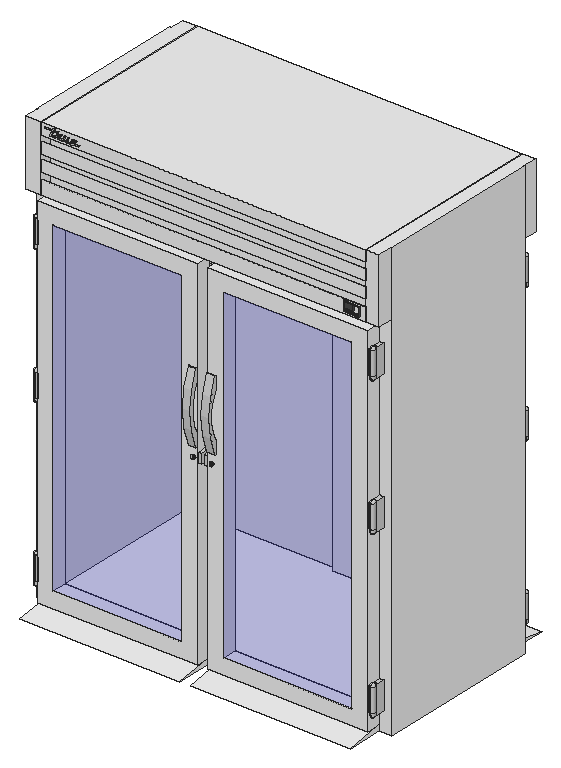
Revit family
Parameters
  Weight in Pounds = 0
  Watts = Volts * FL Amps  # 1092.5 W
  Volts = 115 V
  URL Cutsheet = "www.truemfg.com"
  URL = "www.truemfg.com"
  Type Mark [instance] = ""
  Type Comments = ""
  Status [instance] = ""
  Specification by User [instance] = ""
  Specification by Manufacturer = ""
  Show Logo [instance] = yes
  Show Clearance [instance] = yes
  Serial Number = ""
  Seismic Rating = ""
  SMACNA No = ""
  Revision Code [instance] = ""
  Phase = 1
  Omniclass Number and Title = ""
  Number of Poles [instance] = 1
  NAFEM Spec ID Number = ""
  Model = "STR2RRT-2G-2S"
  Min Ckt Ampacity = 0 A
  Max Overcurrent Protection = 0 A
  Masterspec = ""
  Manufacturer = "TRUE FOOD SERVICE EQUIPMENT, INC."
  Length = 68"
  Item Number [instance] = ""
  Installed By [instance] = ""
  Identify Quantity as Lot [instance] = yes
  Height = 83 3/4"
  HP = "1/2"
  Furnished By [instance] = ""
  Foodservice Equipment Identifier [instance] = yes
  FL Amps = 9.5 A
  Electrical Remarks [instance] = ""
  Electric Connection Type [instance] = ""
  Elec Conn RI Height [instance] = 0"
  Elec Conn Connection Height [instance] = 0"
  Description = "Roll-thru Glass Front/Solid Rear Swing Door Refrigerator"
  Depth = 37 1/2"
  Cycle = 60 Hz
  Conn Plug = "5-15P"
  Conn Conduit = yes
  CSI MasterFormat = ""
  CSI Master Format = ""
  Apparent Power = if(Phase = 3, Volts * FL Amps * 1.73, Volts * FL Amps)  # 1092.5 VA
Reference planes (in)
  plane 1 "BACK": y = 0
  plane 2: z = 0
  plane 3 "LEFT": x = 0
  plane 4 "RIGHT": x = 68
  plane 5 "FRONT": y = -37.5
  plane 6 "TOP": z = 83.75
  plane 7: x = 2.84375
  plane 8: y = -37.4542
  plane 9: x = 34
  plane 10: y = -0.0458
  plane 11: z = 69.90625
Forms (in)
  Extrusion 1, solid, material "QF_Finishes_Chrome - Satin"
    sketch origin (0.05, 0, 0) x (1, 0, 0) y (0, 1, 0)
      loop
        line (-0.05, -2.75) -> (-0.05, -34.75) -> (2.87859, -34.75) -> (2.87859, -2.75) -> (-0.05, -2.75)
    from 0 to 83.75
  Extrusion 2, solid, material "QF_Finishes_Chrome - Satin"
    sketch origin (50.15, 0, 0) x (1, 0, 0) y (0, 1, 0)
      loop
        line (15.15, -2.75) -> (15.15, -34.75) -> (17.85, -34.75) -> (17.85, -2.75) -> (15.15, -2.75)
    from 0 to 83.75
  Extrusion 3, solid, material "QF_Finishes_Chrome - Satin"
    sketch origin (0, 0, 0) x (0, 1, 0) y (0, 0, 1)
      loop
        line (-37.4542, 71.28125) -> (-34.75, 71.28125) -> (-34.75, 68.90625) -> (-2.75, 68.90625) -> (-2.75, 71.28125) -> (-0.0458, 71.28125) -> (-0.0458, 73.94226) -> (-2.25, 72.375) -> (-2.25, 73.65057) -> (-0.0458, 75.21784) -> (-0.0458, 77.31404) -> (-2.25, 75.74678) -> (-2.25, 76.70754) -> (-0.0458, 78.2748) -> (-0.0458, 80.40851) -> (-2.25, 78.84125) -> (-2.25, 79.96352) -> (-0.0458, 81.53078) -> (-0.0458, 83.75) -> (-37.4542, 83.75) -> (-37.4542, 81.53078) -> (-35.25, 79.96352) -> (-35.25, 78.84125) -> (-37.4542, 80.40851) -> (-37.4542, 78.2748) -> (-35.25, 76.70754) -> (-35.25, 75.74678) -> (-37.4542, 77.31404) -> (-37.4542, 75.21784) -> (-35.25, 73.65057) -> (-35.25, 72.375) -> (-37.4542, 73.94226) -> (-37.4542, 71.28125)
      loop
        line (-34.75, 0) -> (-2.75, 0) -> (-2.75, 2) -> (-34.75, 2) -> (-34.75, 0)
    from 2.92859 to 65.3
  Extrusion 4, solid, material "QF_Finishes_Chrome - Satin"
    sketch origin (0, 0, 0) x (1, 0, 0) y (0, 1, 0)
      loop
        line (67.84782, -34.75) -> (65.3, -34.75) -> (65.3, -37.5) -> (67.84782, -37.5) -> (67.84782, -34.75)
      loop
        line (67.84782, -2.75) -> (67.84782, 0) -> (65.3, 0) -> (65.3, -2.75) -> (67.84782, -2.75)
    from 71.28125 to 83.75
  Extrusion 5, solid, material "QF_Finishes_Chrome - Satin"
    sketch origin (-50.125, 0, 0.25) x (1, 0, 0) y (0, 1, 0)
      loop
        line (53.05359, -34.75) -> (50.24109, -34.75) -> (50.24109, -37.5) -> (53.05359, -37.5) -> (53.05359, -34.75)
      loop
        line (53.05359, -2.75) -> (53.05359, 0) -> (50.24109, 0) -> (50.24109, -2.75) -> (53.05359, -2.75)
    from 71.03125 to 83.5
  Extrusion 6, solid, material "QF_Finishes_Handrails and Railings"
    sketch origin (9.34375, -3.83467, -3.5) x (1, 0, 0) y (0, 0, 1)
      loop
        circle (26.4375, 40.0625) r 0.35
      loop
        line (26.47265, 40.33635) -> (26.41715, 40.33635) -> (26.41715, 39.76895) -> (26.47265, 39.76895) -> (26.47265, 40.33635)
    from 33.5 to 33.83066
  Extrusion 7, solid, material "QF_Finishes_Handrails and Railings", visible <- "Show Logo"
    sketch origin (0.33478, -2.68623, 5.13015) x (1, 0, 0) y (0, 0, 1)
      loop
        line (3.46044, 78.08731) -> (3.35478, 77.86073) -> (4.76027, 77.86073)
        arc (4.76027, 77.86073) -> (4.78879, 77.81028) -> (4.76027, 77.75984) r 0.05887
        line (4.76027, 77.75984) -> (4.39369, 76.97372)
        arc (4.39369, 76.97372) -> (4.39051, 76.90091) -> (4.43975, 76.84717) r 0.09523
        line (4.43975, 76.84717) -> (5.33844, 76.84717)
        arc (5.33844, 76.84717) -> (5.45192, 76.88295) -> (5.52436, 76.97735) r 0.19785
        line (5.52436, 76.97735) -> (5.81285, 77.59601) -> (6.0779, 77.59601)
        arc (6.0779, 77.59601) -> (6.14744, 77.57043) -> (6.13737, 77.49703) r 0.05911
        line (6.13737, 77.49703) -> (5.89598, 76.97937)
        arc (5.89598, 76.97937) -> (5.89974, 76.8934) -> (5.97231, 76.84717) r 0.09318
        line (5.97231, 76.84717) -> (6.76198, 76.84717)
        arc (6.76198, 76.84717) -> (6.82249, 76.86919) -> (6.85468, 76.92495) r 0.09412
        arc (6.85468, 76.92495) -> (6.87746, 76.86995) -> (6.93246, 76.84717) r 0.07778
        line (6.93246, 76.84717) -> (7.43246, 76.84717)
        arc (7.43246, 76.84717) -> (7.49022, 76.86265) -> (7.53251, 76.90493) r 0.11552
        arc (7.53251, 76.90493) -> (7.55275, 76.85606) -> (7.60162, 76.83581) r 0.06912
        line (7.60162, 76.83581) -> (8.31225, 76.83581)
        arc (8.31225, 76.83581) -> (8.37034, 76.85988) -> (8.39441, 76.91797) r 0.08216
        arc (8.39441, 76.91797) -> (8.44767, 76.86472) -> (8.52042, 76.84522) r 0.14551
        line (8.52042, 76.84522) -> (9.85158, 76.84522) -> (9.99946, 77.10134) -> (8.65678, 77.10134)
        arc (8.65678, 77.10134) -> (8.61972, 77.12704) -> (8.61834, 77.17211) r 0.05009
        line (8.61834, 77.17211) -> (8.64157, 77.22192)
        arc (8.64157, 77.22192) -> (8.67723, 77.26864) -> (8.73327, 77.28635) r 0.09747
        line (8.73327, 77.28635) -> (9.16485, 77.28635)
        arc (9.16485, 77.28635) -> (9.258, 77.31131) -> (9.32619, 77.3795) r 0.1863
        line (9.32619, 77.3795) -> (9.45119, 77.59601)
        arc (9.45119, 77.59601) -> (9.45119, 77.71157) -> (9.35111, 77.76934) r 0.11556
        line (9.35111, 77.76934) -> (8.89562, 77.76934)
        arc (8.89562, 77.76934) -> (8.7795, 77.74962) -> (8.69849, 77.66412) r 0.18605
        line (8.69849, 77.66412) -> (8.48204, 77.19993)
        arc (8.48204, 77.19993) -> (8.41815, 77.11667) -> (8.31806, 77.08511) r 0.1745
        line (8.31806, 77.08511) -> (7.84559, 77.08511)
        arc (7.84559, 77.08511) -> (7.78903, 77.14684) -> (7.79268, 77.23048) r 0.10939
        line (7.79268, 77.23048) -> (8.04395, 77.76934) -> (7.88403, 77.76934) -> (7.61781, 77.19844)
        arc (7.61781, 77.19844) -> (7.56609, 77.13103) -> (7.48505, 77.10548) r 0.14128
        line (7.48505, 77.10548) -> (7.15925, 77.10548)
        arc (7.15925, 77.10548) -> (7.10419, 77.17723) -> (7.116, 77.26689) r 0.11816
        line (7.116, 77.26689) -> (7.3503, 77.76934) -> (7.18514, 77.76934) -> (6.91546, 77.191)
        arc (6.91546, 77.191) -> (6.85285, 77.12839) -> (6.76733, 77.10548) r 0.17104
        line (6.76733, 77.10548) -> (6.29555, 77.10548)
        arc (6.29555, 77.10548) -> (6.21082, 77.14499) -> (6.20267, 77.23813) r 0.0935
        line (6.20267, 77.23813) -> (6.35774, 77.57069) -> (6.57695, 77.57069)
        arc (6.57695, 77.57069) -> (6.61395, 77.68217) -> (6.69267, 77.76934) r 0.2857
        line (6.69267, 77.76934) -> (5.83605, 77.76934)
        arc (5.83605, 77.76934) -> (5.74086, 77.74824) -> (5.67498, 77.67635) r 0.16212
        line (5.67498, 77.67635) -> (5.44279, 77.17841)
        arc (5.44279, 77.17841) -> (5.3894, 77.12502) -> (5.31647, 77.10548) r 0.14586
        line (5.31647, 77.10548) -> (4.80506, 77.10548)
        arc (4.80506, 77.10548) -> (4.76514, 77.15942) -> (4.77274, 77.22609) r 0.09155
        line (4.77274, 77.22609) -> (5.11018, 77.86073) -> (5.96155, 77.86073) -> (6.06721, 78.08731) -> (5.21584, 78.08731) -> (5.32149, 78.31388) -> (5.01862, 78.31388) -> (4.91297, 78.08731) -> (3.46044, 78.08731)
      loop
        arc (8.83805, 77.56363) -> (8.80119, 77.55375) -> (8.7742, 77.52676) r 0.07373
        line (8.7742, 77.52676) -> (8.75229, 77.45936)
        arc (8.75229, 77.45936) -> (8.76245, 77.43483) -> (8.78699, 77.42466) r 0.0347
        line (8.78699, 77.42466) -> (9.15948, 77.42466)
        arc (9.15948, 77.42466) -> (9.18632, 77.43061) -> (9.20812, 77.44734) r 0.0635
        line (9.20812, 77.44734) -> (9.22624, 77.53122)
        arc (9.22624, 77.53122) -> (9.22091, 77.55368) -> (9.20009, 77.56363) r 0.02676
        line (9.20009, 77.56363) -> (8.83805, 77.56363)
    from 34.76797 to 34.83173
  Extrusion 8, solid, material "QF_Finishes_White"
    sketch origin (-22.74812, -2.7042, -7.90007) x (1, 0, 0) y (0, 0, 1)
      loop
        line (83.81732, 81.35727) -> (83.81732, 79.60996) -> (86.72357, 79.60996) -> (86.72357, 81.35727) -> (83.81732, 81.35727)
    from 34.75 to 34.76797
  Extrusion 9, solid, material "QF_Finishes_Black"
    sketch origin (-22.74812, -2.7042, -7.90007) x (1, 0, 0) y (0, 0, 1)
      loop
        line (86.78607, 81.41977) -> (83.75482, 81.41977) -> (83.75482, 79.54746) -> (86.78607, 79.54746) -> (86.78607, 81.41977)
      loop
        spline (83.95482, 79.87872) -> (83.96333, 79.86254) -> (83.98831, 79.84747) -> (84.02804, 79.83452) -> (84.07982, 79.82459) -> (84.14011, 79.81835) -> (84.20482, 79.81622) -> (84.26952, 79.81835) -> (84.32982, 79.82459) -> (84.38159, 79.83452) -> (84.42132, 79.84747) -> (84.4463, 79.86254) -> (84.45482, 79.87872)
        spline (84.45482, 79.87872) -> (84.4463, 79.89489) -> (84.42132, 79.90997) -> (84.38159, 79.92291) -> (84.32982, 79.93284) -> (84.26952, 79.93909) -> (84.20482, 79.94122) -> (84.14011, 79.93909) -> (84.07982, 79.93284) -> (84.02804, 79.92291) -> (83.98831, 79.90997) -> (83.96333, 79.89489) -> (83.95482, 79.87872)
      loop
        spline (84.65083, 79.87872) -> (84.65935, 79.86254) -> (84.68432, 79.84747) -> (84.72405, 79.83452) -> (84.77583, 79.82459) -> (84.83612, 79.81835) -> (84.90083, 79.81622) -> (84.96553, 79.81835) -> (85.02583, 79.82459) -> (85.07761, 79.83452) -> (85.11734, 79.84747) -> (85.14231, 79.86254) -> (85.15083, 79.87872)
        spline (85.15083, 79.87872) -> (85.14231, 79.89489) -> (85.11734, 79.90997) -> (85.07761, 79.92291) -> (85.02583, 79.93284) -> (84.96553, 79.93909) -> (84.90083, 79.94122) -> (84.83612, 79.93909) -> (84.77583, 79.93284) -> (84.72405, 79.92291) -> (84.68432, 79.90997) -> (84.65935, 79.89489) -> (84.65083, 79.87872)
      loop
        spline (85.40083, 79.87872) -> (85.40935, 79.86254) -> (85.43432, 79.84747) -> (85.47405, 79.83452) -> (85.52583, 79.82459) -> (85.58612, 79.81835) -> (85.65083, 79.81622) -> (85.71553, 79.81835) -> (85.77583, 79.82459) -> (85.82761, 79.83452) -> (85.86734, 79.84747) -> (85.89231, 79.86254) -> (85.90083, 79.87872)
        spline (85.90083, 79.87872) -> (85.89231, 79.89489) -> (85.86734, 79.90997) -> (85.82761, 79.92291) -> (85.77583, 79.93284) -> (85.71553, 79.93909) -> (85.65083, 79.94122) -> (85.58612, 79.93909) -> (85.52583, 79.93284) -> (85.47405, 79.92291) -> (85.43432, 79.90997) -> (85.40935, 79.89489) -> (85.40083, 79.87872)
      loop
        line (83.95481, 81.21978) -> (83.95481, 80.21978) -> (85.65433, 80.21978) -> (85.65433, 81.21978) -> (83.95481, 81.21978)
      loop
        line (86.72357, 81.35727) -> (83.81732, 81.35727) -> (83.81732, 79.60996) -> (86.72357, 79.60996) -> (86.72357, 81.35727)
      loop
        spline (86.15083, 79.87872) -> (86.15935, 79.86254) -> (86.18432, 79.84747) -> (86.22405, 79.83452) -> (86.27583, 79.82459) -> (86.33612, 79.81835) -> (86.40083, 79.81622) -> (86.46553, 79.81835) -> (86.52583, 79.82459) -> (86.57761, 79.83452) -> (86.61734, 79.84747) -> (86.64231, 79.86254) -> (86.65083, 79.87872)
        spline (86.65083, 79.87872) -> (86.64231, 79.89489) -> (86.61734, 79.90997) -> (86.57761, 79.92291) -> (86.52583, 79.93284) -> (86.46553, 79.93909) -> (86.40083, 79.94122) -> (86.33612, 79.93909) -> (86.27583, 79.93284) -> (86.22405, 79.92291) -> (86.18432, 79.90997) -> (86.15935, 79.89489) -> (86.15083, 79.87872)
    from 34.76797 to 34.80335
  Extrusion 10, solid
    sketch origin (-25.125, 0, 0) x (1, 0, 0) y (0, 0, 1)
      loop
        circle (89.875, 81.625) r 0.25
    from 0 to 0.0625
  Blend 11, solid, material "QF_Finishes_Handrails and Railings"
    base sketch origin (60.25, -3.75, -1.5) x (-1, 0, 0) y (0, 0, -1)
      loop
        line (25.25, -38.99169) -> (26, -38.99169) -> (26, -37.24169) -> (25.25, -37.24169) -> (25.25, -38.99169)
    top sketch origin (60.25, 0, -1.5) x (-1, 0, 0) y (0, 0, -1)
      loop
        line (26.18223, -36.6441) -> (25.25, -36.6441) -> (25.25, -39.42643) -> (26.18223, -39.42643) -> (26.18223, -36.6441)
    from 33.57883 to 34.75
  Extrusion 12, solid, material "QF_Finishes_Handrails and Railings"
    sketch origin (66.78125, 0, 2.75) x (0, 1, 0) y (0, 0, -1)
      loop
        line (-34.75, -64.17729) -> (-34.75, -58.86127) -> (-37, -58.86127) -> (-37, -59.57348) -> (-36.56497, -59.57348) -> (-36.56497, -63.97276)
        arc (-36.56497, -63.97276) -> (-36.50506, -64.11738) -> (-36.36044, -64.17729) r 0.20453
        line (-36.36044, -64.17729) -> (-34.75, -64.17729)
    from 0.17506 to 1
  Revolve 13, solid, material "QF_Finishes_Handrails and Railings"
    sketch origin (66.28125, 0, 2.75) x (0, 1, 0) y (0, 0, -1)
      loop
        line (-37.01563, -59.62689) -> (-37.42229, -59.62689) -> (-37.42229, -64.0986)
        arc (-37.42229, -64.0986) -> (-37.28722, -64.35057) -> (-37.01563, -64.43983) r 0.3848
        line (-37.01563, -64.43983) -> (-37.01563, -59.62689)
      loop
        line (-37.01563, -59.57348) -> (-37.01563, -58.67281)
        arc (-37.01563, -58.67281) -> (-37.28264, -58.75883) -> (-37.42229, -59.00212) r 0.38884
        line (-37.42229, -59.00212) -> (-37.42229, -59.57348) -> (-37.01563, -59.57348)
      axis (-37.01563, -58.67281) -> (-37.01563, -64.43983)
    angle from 0 to 360
  Extrusion 14, solid, material "QF_Finishes_Handrails and Railings"
    sketch origin (27.5, -3.82734, 2.7511) x (-1, 0, 0) y (0, 0, -1)
      loop
        line (-38.58509, -64.0986) -> (-38.1875, -64.0986) -> (-38.1875, -59.62579) -> (-38.58509, -59.62579) -> (-38.58509, -64.0986)
    from 32.81497 to 33.59495
  Extrusion 15, solid, material "QF_Finishes_Handrails and Railings"
    sketch origin (66.78125, 0, -24) x (0, 1, 0) y (0, 0, -1)
      loop
        line (-34.75, -64.55229) -> (-34.75, -59.23627) -> (-37, -59.23627) -> (-37, -59.94848) -> (-36.56497, -59.94848) -> (-36.56497, -64.34776)
        arc (-36.56497, -64.34776) -> (-36.50506, -64.49238) -> (-36.36044, -64.55229) r 0.20453
        line (-36.36044, -64.55229) -> (-34.75, -64.55229)
    from 0.17506 to 1
  Revolve 16, solid, material "QF_Finishes_Handrails and Railings"
    sketch origin (66.28125, 0, -24) x (0, 1, 0) y (0, 0, -1)
      loop
        line (-37.01563, -60.00189) -> (-37.42229, -60.00189) -> (-37.42229, -64.4736)
        arc (-37.42229, -64.4736) -> (-37.28722, -64.72557) -> (-37.01563, -64.81483) r 0.3848
        line (-37.01563, -64.81483) -> (-37.01563, -60.00189)
      loop
        line (-37.01563, -59.94848) -> (-37.01563, -59.04781)
        arc (-37.01563, -59.04781) -> (-37.28264, -59.13383) -> (-37.42229, -59.37712) r 0.38884
        line (-37.42229, -59.37712) -> (-37.42229, -59.94848) -> (-37.01563, -59.94848)
      axis (-37.01563, -59.04781) -> (-37.01563, -64.81483)
    angle from 0 to 360
  Extrusion 17, solid, material "QF_Finishes_Handrails and Railings"
    sketch origin (27.5, -3.82734, -23.9989) x (-1, 0, 0) y (0, 0, -1)
      loop
        line (-38.58509, -64.4736) -> (-38.1875, -64.4736) -> (-38.1875, -60.00079) -> (-38.58509, -60.00079) -> (-38.58509, -64.4736)
    from 32.81497 to 33.59495
  Extrusion 18, solid, material "QF_Finishes_Handrails and Railings"
    sketch origin (66.78125, 0, -55.5) x (0, 1, 0) y (0, 0, -1)
      loop
        line (-34.75, -64.55229) -> (-34.75, -59.23627) -> (-37, -59.23627) -> (-37, -59.94848) -> (-36.56497, -59.94848) -> (-36.56497, -64.34776)
        arc (-36.56497, -64.34776) -> (-36.50506, -64.49238) -> (-36.36044, -64.55229) r 0.20453
        line (-36.36044, -64.55229) -> (-34.75, -64.55229)
    from 0.17506 to 1
  Revolve 19, solid, material "QF_Finishes_Handrails and Railings"
    sketch origin (66.28125, 0, -55.5) x (0, 1, 0) y (0, 0, -1)
      loop
        line (-37.01563, -60.00189) -> (-37.42229, -60.00189) -> (-37.42229, -64.4736)
        arc (-37.42229, -64.4736) -> (-37.28722, -64.72557) -> (-37.01563, -64.81483) r 0.3848
        line (-37.01563, -64.81483) -> (-37.01563, -60.00189)
      loop
        line (-37.01563, -59.94848) -> (-37.01563, -59.04781)
        arc (-37.01563, -59.04781) -> (-37.28264, -59.13383) -> (-37.42229, -59.37712) r 0.38884
        line (-37.42229, -59.37712) -> (-37.42229, -59.94848) -> (-37.01563, -59.94848)
      axis (-37.01563, -59.04781) -> (-37.01563, -64.81483)
    angle from 0 to 360
  Extrusion 20, solid, material "QF_Finishes_Handrails and Railings"
    sketch origin (27.5, -3.82734, -55.4989) x (-1, 0, 0) y (0, 0, -1)
      loop
        line (-38.58509, -64.4736) -> (-38.1875, -64.4736) -> (-38.1875, -60.00079) -> (-38.58509, -60.00079) -> (-38.58509, -64.4736)
    from 32.81497 to 33.59495
  Extrusion 21, solid, material "QF_Finishes_Chrome - Satin"
    sketch origin (65.6875, -3.75, 8.03125) x (0, 0, 1) y (0, -1, 0)
      loop
        line (-8.03125, 37.875) -> (-8.03125, 31) -> (-7.03125, 31) -> (-8.03125, 37.875)
    from 0 to -30.6875
  Extrusion 22, solid, material "QF_Finishes_Chrome - Satin"
    sketch origin (59.96875, -3.75, -0.71875) x (-1, 0, 0) y (0, 0, -1)
      loop
        line (26.96875, -1.71875) -> (26.96875, -70.625) -> (57.65625, -70.625) -> (57.65625, -1.71875) -> (26.96875, -1.71875)
      loop
        line (29.96875, -67.625) -> (54.65625, -67.625) -> (54.65625, -4.71875) -> (29.96875, -4.71875) -> (29.96875, -67.625)
      loop
        line (24.96875, -1.71875) -> (-5.71875, -1.71875) -> (-5.71875, -70.625) -> (24.96875, -70.625) -> (24.96875, -1.71875)
      loop
        line (21.96875, -67.625) -> (21.96875, -4.71875) -> (-2.71875, -4.71875) -> (-2.71875, -67.625) -> (21.96875, -67.625)
    from 31 to 33.75
  Extrusion 23, solid, material "QF_Finishes_Handrails and Railings"
    sketch origin (43.83156, -0.25, 92.27893) x (0, 1, 0) y (0, 0, -1)
      loop
        line (-37.25, 53.875) -> (-37.45, 53.875)
        arc (-37.45, 53.875) -> (-38.89405, 47.075) -> (-37.45, 40.275) r 16.7325
        line (-37.45, 40.275) -> (-37.25, 40.275) -> (-37.25, 42.675)
        arc (-37.25, 42.675) -> (-38.40816, 47.075) -> (-37.25, 51.475) r 8.93715
        line (-37.25, 51.475) -> (-37.25, 53.875)
    from 10.87731 to 12.37731
  Extrusion 24, solid, material "QF_Finishes_Handrails and Railings"
    sketch origin (58.65625, -3.83467, -3.5) x (-1, 0, 0) y (0, 0, -1)
      loop
        circle (26.4375, -40.0625) r 0.35
      loop
        line (26.47265, -40.33635) -> (26.47265, -39.76895) -> (26.41715, -39.76895) -> (26.41715, -40.33635) -> (26.47265, -40.33635)
    from 33.5 to 33.83066
  Blend 25, solid, material "QF_Finishes_Handrails and Railings"
    base sketch origin (7.75, -3.75, -1.5) x (1, 0, 0) y (0, 0, 1)
      loop
        line (25.25, 38.99169) -> (25.25, 37.24169) -> (26, 37.24169) -> (26, 38.99169) -> (25.25, 38.99169)
    top sketch origin (7.75, 0, -1.5) x (1, 0, 0) y (0, 0, 1)
      loop
        line (26.18223, 36.6441) -> (26.18223, 39.42643) -> (25.25, 39.42643) -> (25.25, 36.6441) -> (26.18223, 36.6441)
    from 33.57883 to 34.75
  Extrusion 26, solid, material "QF_Finishes_Handrails and Railings"
    sketch origin (1.21875, 0, 2.75) x (0, 1, 0) y (0, 0, 1)
      loop
        line (-34.75, 64.17729) -> (-36.36044, 64.17729)
        arc (-36.36044, 64.17729) -> (-36.50506, 64.11738) -> (-36.56497, 63.97276) r 0.20453
        line (-36.56497, 63.97276) -> (-36.56497, 59.57348) -> (-37, 59.57348) -> (-37, 58.86127) -> (-34.75, 58.86127) -> (-34.75, 64.17729)
    from 0.17506 to 1
  Revolve 27, solid, material "QF_Finishes_Handrails and Railings"
    sketch origin (1.71875, 0, 2.75) x (0, 1, 0) y (0, 0, 1)
      loop
        line (-37.01563, 59.62689) -> (-37.01563, 64.43983)
        arc (-37.01563, 64.43983) -> (-37.28722, 64.35057) -> (-37.42229, 64.0986) r 0.3848
        line (-37.42229, 64.0986) -> (-37.42229, 59.62689) -> (-37.01563, 59.62689)
      loop
        line (-37.01563, 59.57348) -> (-37.42229, 59.57348) -> (-37.42229, 59.00212)
        arc (-37.42229, 59.00212) -> (-37.28264, 58.75883) -> (-37.01563, 58.67281) r 0.38884
        line (-37.01563, 58.67281) -> (-37.01563, 59.57348)
      axis (-37.01563, 58.67281) -> (-37.01563, 64.43983)
    angle from 0 to 360
  Extrusion 28, solid, material "QF_Finishes_Handrails and Railings"
    sketch origin (40.5, -3.82734, 2.7511) x (1, 0, 0) y (0, 0, 1)
      loop
        line (-38.58509, 64.0986) -> (-38.58509, 59.62579) -> (-38.1875, 59.62579) -> (-38.1875, 64.0986) -> (-38.58509, 64.0986)
    from 32.81497 to 33.59495
  Extrusion 29, solid, material "QF_Finishes_Handrails and Railings"
    sketch origin (1.21875, 0, -24) x (0, 1, 0) y (0, 0, 1)
      loop
        line (-34.75, 64.55229) -> (-36.36044, 64.55229)
        arc (-36.36044, 64.55229) -> (-36.50506, 64.49238) -> (-36.56497, 64.34776) r 0.20453
        line (-36.56497, 64.34776) -> (-36.56497, 59.94848) -> (-37, 59.94848) -> (-37, 59.23627) -> (-34.75, 59.23627) -> (-34.75, 64.55229)
    from 0.17506 to 1
  Revolve 30, solid, material "QF_Finishes_Handrails and Railings"
    sketch origin (1.71875, 0, -24) x (0, 1, 0) y (0, 0, 1)
      loop
        line (-37.01563, 60.00189) -> (-37.01563, 64.81483)
        arc (-37.01563, 64.81483) -> (-37.28722, 64.72557) -> (-37.42229, 64.4736) r 0.3848
        line (-37.42229, 64.4736) -> (-37.42229, 60.00189) -> (-37.01563, 60.00189)
      loop
        line (-37.01563, 59.94848) -> (-37.42229, 59.94848) -> (-37.42229, 59.37712)
        arc (-37.42229, 59.37712) -> (-37.28264, 59.13383) -> (-37.01563, 59.04781) r 0.38884
        line (-37.01563, 59.04781) -> (-37.01563, 59.94848)
      axis (-37.01563, 59.04781) -> (-37.01563, 64.81483)
    angle from 0 to 360
  Extrusion 31, solid, material "QF_Finishes_Handrails and Railings"
    sketch origin (40.5, -3.82734, -23.9989) x (1, 0, 0) y (0, 0, 1)
      loop
        line (-38.58509, 64.4736) -> (-38.58509, 60.00079) -> (-38.1875, 60.00079) -> (-38.1875, 64.4736) -> (-38.58509, 64.4736)
    from 32.81497 to 33.59495
  Extrusion 32, solid, material "QF_Finishes_Handrails and Railings"
    sketch origin (1.21875, 0, -55.5) x (0, 1, 0) y (0, 0, 1)
      loop
        line (-34.75, 64.55229) -> (-36.36044, 64.55229)
        arc (-36.36044, 64.55229) -> (-36.50506, 64.49238) -> (-36.56497, 64.34776) r 0.20453
        line (-36.56497, 64.34776) -> (-36.56497, 59.94848) -> (-37, 59.94848) -> (-37, 59.23627) -> (-34.75, 59.23627) -> (-34.75, 64.55229)
    from 0.17506 to 1
  Revolve 33, solid, material "QF_Finishes_Handrails and Railings"
    sketch origin (1.71875, 0, -55.5) x (0, 1, 0) y (0, 0, 1)
      loop
        line (-37.01563, 60.00189) -> (-37.01563, 64.81483)
        arc (-37.01563, 64.81483) -> (-37.28722, 64.72557) -> (-37.42229, 64.4736) r 0.3848
        line (-37.42229, 64.4736) -> (-37.42229, 60.00189) -> (-37.01563, 60.00189)
      loop
        line (-37.01563, 59.94848) -> (-37.42229, 59.94848) -> (-37.42229, 59.37712)
        arc (-37.42229, 59.37712) -> (-37.28264, 59.13383) -> (-37.01563, 59.04781) r 0.38884
        line (-37.01563, 59.04781) -> (-37.01563, 59.94848)
      axis (-37.01563, 59.04781) -> (-37.01563, 64.81483)
    angle from 0 to 360
  Extrusion 34, solid, material "QF_Finishes_Handrails and Railings"
    sketch origin (40.5, -3.82734, -55.4989) x (1, 0, 0) y (0, 0, 1)
      loop
        line (-38.58509, 64.4736) -> (-38.58509, 60.00079) -> (-38.1875, 60.00079) -> (-38.1875, 64.4736) -> (-38.58509, 64.4736)
    from 32.81497 to 33.59495
  Extrusion 35, solid, material "QF_Finishes_Chrome - Satin"
    sketch origin (2.3125, -3.75, 8.03125) x (0, 0, 1) y (0, 1, 0)
      loop
        line (-8.03125, -37.875) -> (-7.03125, -31) -> (-8.03125, -31) -> (-8.03125, -37.875)
    from 0 to -30.6875
  Extrusion 36, solid, material "QF_Finishes_Door Clearance", visible <- "Show Clearance", detail levels coarse
    sketch origin (32.71875, -3.75, 1) x (0, 1, 0) y (1, 0, 0)
      loop
        line (-33.75, -30.40625) -> (-33.75, 0.28125)
        arc (-33.75, 0.28125) -> (-55.44934, -8.70691) -> (-64.4375, -30.40625) r 30.6875
        line (-64.4375, -30.40625) -> (-33.75, -30.40625)
      loop
        line (-33.75, 32.96875) -> (-64.4375, 32.96875)
        arc (-64.4375, 32.96875) -> (-55.44934, 11.26941) -> (-33.75, 2.28125) r 30.6875
        line (-33.75, 2.28125) -> (-33.75, 32.96875)
    from 0 to -68.90625
  Extrusion 37, solid, material "QF_Finishes_Chrome - Satin"
    sketch origin (8.03125, -33.75, -0.71875) x (1, 0, 0) y (0, 0, -1)
      loop
        line (26.96875, -1.71875) -> (26.96875, -70.625) -> (57.65625, -70.625) -> (57.65625, -1.71875) -> (26.96875, -1.71875)
    from 31 to 33.75
  Extrusion 38, solid, material "QF_Finishes_Handrails and Railings"
    sketch origin (91.34375, -37.25, 24.93519) x (-1, 0, 0) y (0, -1, 0)
      loop
        line (53.875, -37.25) -> (51.475, -37.25)
        arc (51.475, -37.25) -> (47.075, -38.40816) -> (42.675, -37.25) r 8.93715
        line (42.675, -37.25) -> (40.275, -37.25) -> (40.275, -37.45)
        arc (40.275, -37.45) -> (47.075, -38.89405) -> (53.875, -37.45) r 16.7325
        line (53.875, -37.45) -> (53.875, -37.25)
    from 10.87731 to 12.37731
  Extrusion 39, solid, material "QF_Finishes_Handrails and Railings"
    sketch origin (9.34375, -33.66533, -3.5) x (1, 0, 0) y (0, 0, -1)
      loop
        circle (26.4375, -40.0625) r 0.35
      loop
        line (26.47265, -40.33635) -> (26.47265, -39.76895) -> (26.41715, -39.76895) -> (26.41715, -40.33635) -> (26.47265, -40.33635)
    from 33.5 to 33.83066
  Blend 40, solid, material "QF_Finishes_Handrails and Railings"
    base sketch origin (60.25, -33.75, -1.5) x (-1, 0, 0) y (0, 0, 1)
      loop
        line (25.25, 38.99169) -> (25.25, 37.24169) -> (26, 37.24169) -> (26, 38.99169) -> (25.25, 38.99169)
    top sketch origin (60.25, -37.5, -1.5) x (-1, 0, 0) y (0, 0, 1)
      loop
        line (26.18223, 36.6441) -> (26.18223, 39.42643) -> (25.25, 39.42643) -> (25.25, 36.6441) -> (26.18223, 36.6441)
    from 33.57883 to 34.75
  Extrusion 41, solid, material "QF_Finishes_Handrails and Railings"
    sketch origin (66.78125, -37.5, 2.75) x (0, -1, 0) y (0, 0, 1)
      loop
        line (-34.75, 64.17729) -> (-36.36044, 64.17729)
        arc (-36.36044, 64.17729) -> (-36.50506, 64.11738) -> (-36.56497, 63.97276) r 0.20453
        line (-36.56497, 63.97276) -> (-36.56497, 59.57348) -> (-37, 59.57348) -> (-37, 58.86127) -> (-34.75, 58.86127) -> (-34.75, 64.17729)
    from 0.17506 to 1
  Revolve 42, solid, material "QF_Finishes_Handrails and Railings"
    sketch origin (66.28125, -37.5, 2.75) x (0, -1, 0) y (0, 0, 1)
      loop
        line (-37.01563, 59.62689) -> (-37.01563, 64.43983)
        arc (-37.01563, 64.43983) -> (-37.28722, 64.35057) -> (-37.42229, 64.0986) r 0.3848
        line (-37.42229, 64.0986) -> (-37.42229, 59.62689) -> (-37.01563, 59.62689)
      loop
        line (-37.01563, 59.57348) -> (-37.42229, 59.57348) -> (-37.42229, 59.00212)
        arc (-37.42229, 59.00212) -> (-37.28264, 58.75883) -> (-37.01563, 58.67281) r 0.38884
        line (-37.01563, 58.67281) -> (-37.01563, 59.57348)
      axis (-37.01563, 58.67281) -> (-37.01563, 64.43983)
    angle from 0 to 360
  Extrusion 43, solid, material "QF_Finishes_Handrails and Railings"
    sketch origin (27.5, -33.67266, 2.7511) x (-1, 0, 0) y (0, 0, 1)
      loop
        line (-38.58509, 64.0986) -> (-38.58509, 59.62579) -> (-38.1875, 59.62579) -> (-38.1875, 64.0986) -> (-38.58509, 64.0986)
    from 32.81497 to 33.59495
  Extrusion 44, solid, material "QF_Finishes_Handrails and Railings"
    sketch origin (66.78125, -37.5, -24) x (0, -1, 0) y (0, 0, 1)
      loop
        line (-34.75, 64.55229) -> (-36.36044, 64.55229)
        arc (-36.36044, 64.55229) -> (-36.50506, 64.49238) -> (-36.56497, 64.34776) r 0.20453
        line (-36.56497, 64.34776) -> (-36.56497, 59.94848) -> (-37, 59.94848) -> (-37, 59.23627) -> (-34.75, 59.23627) -> (-34.75, 64.55229)
    from 0.17506 to 1
  Revolve 45, solid, material "QF_Finishes_Handrails and Railings"
    sketch origin (66.28125, -37.5, -24) x (0, -1, 0) y (0, 0, 1)
      loop
        line (-37.01563, 60.00189) -> (-37.01563, 64.81483)
        arc (-37.01563, 64.81483) -> (-37.28722, 64.72557) -> (-37.42229, 64.4736) r 0.3848
        line (-37.42229, 64.4736) -> (-37.42229, 60.00189) -> (-37.01563, 60.00189)
      loop
        line (-37.01563, 59.94848) -> (-37.42229, 59.94848) -> (-37.42229, 59.37712)
        arc (-37.42229, 59.37712) -> (-37.28264, 59.13383) -> (-37.01563, 59.04781) r 0.38884
        line (-37.01563, 59.04781) -> (-37.01563, 59.94848)
      axis (-37.01563, 59.04781) -> (-37.01563, 64.81483)
    angle from 0 to 360
  Extrusion 46, solid, material "QF_Finishes_Handrails and Railings"
    sketch origin (27.5, -33.67266, -23.9989) x (-1, 0, 0) y (0, 0, 1)
      loop
        line (-38.58509, 64.4736) -> (-38.58509, 60.00079) -> (-38.1875, 60.00079) -> (-38.1875, 64.4736) -> (-38.58509, 64.4736)
    from 32.81497 to 33.59495
  Extrusion 47, solid, material "QF_Finishes_Handrails and Railings"
    sketch origin (66.78125, -37.5, -55.5) x (0, -1, 0) y (0, 0, 1)
      loop
        line (-34.75, 64.55229) -> (-36.36044, 64.55229)
        arc (-36.36044, 64.55229) -> (-36.50506, 64.49238) -> (-36.56497, 64.34776) r 0.20453
        line (-36.56497, 64.34776) -> (-36.56497, 59.94848) -> (-37, 59.94848) -> (-37, 59.23627) -> (-34.75, 59.23627) -> (-34.75, 64.55229)
    from 0.17506 to 1
  Revolve 48, solid, material "QF_Finishes_Handrails and Railings"
    sketch origin (66.28125, -37.5, -55.5) x (0, -1, 0) y (0, 0, 1)
      loop
        line (-37.01563, 60.00189) -> (-37.01563, 64.81483)
        arc (-37.01563, 64.81483) -> (-37.28722, 64.72557) -> (-37.42229, 64.4736) r 0.3848
        line (-37.42229, 64.4736) -> (-37.42229, 60.00189) -> (-37.01563, 60.00189)
      loop
        line (-37.01563, 59.94848) -> (-37.42229, 59.94848) -> (-37.42229, 59.37712)
        arc (-37.42229, 59.37712) -> (-37.28264, 59.13383) -> (-37.01563, 59.04781) r 0.38884
        line (-37.01563, 59.04781) -> (-37.01563, 59.94848)
      axis (-37.01563, 59.04781) -> (-37.01563, 64.81483)
    angle from 0 to 360
  Extrusion 49, solid, material "QF_Finishes_Handrails and Railings"
    sketch origin (27.5, -33.67266, -55.4989) x (-1, 0, 0) y (0, 0, 1)
      loop
        line (-38.58509, 64.4736) -> (-38.58509, 60.00079) -> (-38.1875, 60.00079) -> (-38.1875, 64.4736) -> (-38.58509, 64.4736)
    from 32.81497 to 33.59495
  Extrusion 50, solid, material "QF_Finishes_Chrome - Satin"
    sketch origin (65.6875, -33.75, 8.03125) x (0, 0, 1) y (0, -1, 0)
      loop
        line (-8.03125, -37.875) -> (-7.03125, -31) -> (-8.03125, -31) -> (-8.03125, -37.875)
    from 0 to -30.6875
  Extrusion 51, solid, material "QF_Finishes_Chrome - Satin"
    sketch origin (59.96875, -33.75, -0.71875) x (-1, 0, 0) y (0, 0, 1)
      loop
        line (26.96875, 1.71875) -> (57.65625, 1.71875) -> (57.65625, 70.625) -> (26.96875, 70.625) -> (26.96875, 1.71875)
    from 31 to 33.75
  Extrusion 52, solid, material "QF_Finishes_Handrails and Railings"
    sketch origin (-23.34375, -37.25, 24.93519) x (-1, 0, 0) y (0, -1, 0)
      loop
        line (-53.875, -37.25) -> (-53.875, -37.45)
        arc (-53.875, -37.45) -> (-47.075, -38.89405) -> (-40.275, -37.45) r 16.7325
        line (-40.275, -37.45) -> (-40.275, -37.25) -> (-42.675, -37.25)
        arc (-42.675, -37.25) -> (-47.075, -38.40816) -> (-51.475, -37.25) r 8.93715
        line (-51.475, -37.25) -> (-53.875, -37.25)
    from 10.87731 to 12.37731
  Extrusion 53, solid, material "QF_Finishes_Handrails and Railings"
    sketch origin (58.65625, -33.66533, -3.5) x (-1, 0, 0) y (0, 0, 1)
      loop
        circle (26.4375, 40.0625) r 0.35
      loop
        line (26.47265, 40.33635) -> (26.41715, 40.33635) -> (26.41715, 39.76895) -> (26.47265, 39.76895) -> (26.47265, 40.33635)
    from 33.5 to 33.83066
  Blend 54, solid, material "QF_Finishes_Handrails and Railings"
    base sketch origin (7.75, -33.75, -1.5) x (1, 0, 0) y (0, 0, -1)
      loop
        line (25.25, -38.99169) -> (26, -38.99169) -> (26, -37.24169) -> (25.25, -37.24169) -> (25.25, -38.99169)
    top sketch origin (7.75, -37.5, -1.5) x (1, 0, 0) y (0, 0, -1)
      loop
        line (26.18223, -36.6441) -> (25.25, -36.6441) -> (25.25, -39.42643) -> (26.18223, -39.42643) -> (26.18223, -36.6441)
    from 33.57883 to 34.75
  Extrusion 55, solid, material "QF_Finishes_Handrails and Railings"
    sketch origin (1.21875, -37.5, 2.75) x (0, -1, 0) y (0, 0, -1)
      loop
        line (-34.75, -64.17729) -> (-34.75, -58.86127) -> (-37, -58.86127) -> (-37, -59.57348) -> (-36.56497, -59.57348) -> (-36.56497, -63.97276)
        arc (-36.56497, -63.97276) -> (-36.50506, -64.11738) -> (-36.36044, -64.17729) r 0.20453
        line (-36.36044, -64.17729) -> (-34.75, -64.17729)
    from 0.17506 to 1
  Revolve 56, solid, material "QF_Finishes_Handrails and Railings"
    sketch origin (1.71875, -37.5, 2.75) x (0, -1, 0) y (0, 0, -1)
      loop
        line (-37.01563, -59.62689) -> (-37.42229, -59.62689) -> (-37.42229, -64.0986)
        arc (-37.42229, -64.0986) -> (-37.28722, -64.35057) -> (-37.01563, -64.43983) r 0.3848
        line (-37.01563, -64.43983) -> (-37.01563, -59.62689)
      loop
        line (-37.01563, -59.57348) -> (-37.01563, -58.67281)
        arc (-37.01563, -58.67281) -> (-37.28264, -58.75883) -> (-37.42229, -59.00212) r 0.38884
        line (-37.42229, -59.00212) -> (-37.42229, -59.57348) -> (-37.01563, -59.57348)
      axis (-37.01563, -58.67281) -> (-37.01563, -64.43983)
    angle from 0 to 360
  Extrusion 57, solid, material "QF_Finishes_Handrails and Railings"
    sketch origin (40.5, -33.67266, 2.7511) x (1, 0, 0) y (0, 0, -1)
      loop
        line (-38.58509, -64.0986) -> (-38.1875, -64.0986) -> (-38.1875, -59.62579) -> (-38.58509, -59.62579) -> (-38.58509, -64.0986)
    from 32.81497 to 33.59495
  Extrusion 58, solid, material "QF_Finishes_Handrails and Railings"
    sketch origin (1.21875, -37.5, -24) x (0, -1, 0) y (0, 0, -1)
      loop
        line (-34.75, -64.55229) -> (-34.75, -59.23627) -> (-37, -59.23627) -> (-37, -59.94848) -> (-36.56497, -59.94848) -> (-36.56497, -64.34776)
        arc (-36.56497, -64.34776) -> (-36.50506, -64.49238) -> (-36.36044, -64.55229) r 0.20453
        line (-36.36044, -64.55229) -> (-34.75, -64.55229)
    from 0.17506 to 1
  Revolve 59, solid, material "QF_Finishes_Handrails and Railings"
    sketch origin (1.71875, -37.5, -24) x (0, -1, 0) y (0, 0, -1)
      loop
        line (-37.01563, -60.00189) -> (-37.42229, -60.00189) -> (-37.42229, -64.4736)
        arc (-37.42229, -64.4736) -> (-37.28722, -64.72557) -> (-37.01563, -64.81483) r 0.3848
        line (-37.01563, -64.81483) -> (-37.01563, -60.00189)
      loop
        line (-37.01563, -59.94848) -> (-37.01563, -59.04781)
        arc (-37.01563, -59.04781) -> (-37.28264, -59.13383) -> (-37.42229, -59.37712) r 0.38884
        line (-37.42229, -59.37712) -> (-37.42229, -59.94848) -> (-37.01563, -59.94848)
      axis (-37.01563, -59.04781) -> (-37.01563, -64.81483)
    angle from 0 to 360
  Extrusion 60, solid, material "QF_Finishes_Handrails and Railings"
    sketch origin (40.5, -33.67266, -23.9989) x (1, 0, 0) y (0, 0, -1)
      loop
        line (-38.58509, -64.4736) -> (-38.1875, -64.4736) -> (-38.1875, -60.00079) -> (-38.58509, -60.00079) -> (-38.58509, -64.4736)
    from 32.81497 to 33.59495
  Extrusion 61, solid, material "QF_Finishes_Handrails and Railings"
    sketch origin (1.21875, -37.5, -55.5) x (0, -1, 0) y (0, 0, -1)
      loop
        line (-34.75, -64.55229) -> (-34.75, -59.23627) -> (-37, -59.23627) -> (-37, -59.94848) -> (-36.56497, -59.94848) -> (-36.56497, -64.34776)
        arc (-36.56497, -64.34776) -> (-36.50506, -64.49238) -> (-36.36044, -64.55229) r 0.20453
        line (-36.36044, -64.55229) -> (-34.75, -64.55229)
    from 0.17506 to 1
  Revolve 62, solid, material "QF_Finishes_Handrails and Railings"
    sketch origin (1.71875, -37.5, -55.5) x (0, -1, 0) y (0, 0, -1)
      loop
        line (-37.01563, -60.00189) -> (-37.42229, -60.00189) -> (-37.42229, -64.4736)
        arc (-37.42229, -64.4736) -> (-37.28722, -64.72557) -> (-37.01563, -64.81483) r 0.3848
        line (-37.01563, -64.81483) -> (-37.01563, -60.00189)
      loop
        line (-37.01563, -59.94848) -> (-37.01563, -59.04781)
        arc (-37.01563, -59.04781) -> (-37.28264, -59.13383) -> (-37.42229, -59.37712) r 0.38884
        line (-37.42229, -59.37712) -> (-37.42229, -59.94848) -> (-37.01563, -59.94848)
      axis (-37.01563, -59.04781) -> (-37.01563, -64.81483)
    angle from 0 to 360
  Extrusion 63, solid, material "QF_Finishes_Handrails and Railings"
    sketch origin (40.5, -33.67266, -55.4989) x (1, 0, 0) y (0, 0, -1)
      loop
        line (-38.58509, -64.4736) -> (-38.1875, -64.4736) -> (-38.1875, -60.00079) -> (-38.58509, -60.00079) -> (-38.58509, -64.4736)
    from 32.81497 to 33.59495
  Extrusion 64, solid, material "QF_Finishes_Chrome - Satin"
    sketch origin (2.3125, -33.75, 8.03125) x (0, 0, 1) y (0, 1, 0)
      loop
        line (-8.03125, 37.875) -> (-8.03125, 31) -> (-7.03125, 31) -> (-8.03125, 37.875)
    from 0 to -30.6875
  Extrusion 65, solid, material "QF_Finishes_Door Clearance", visible <- "Show Clearance", detail levels coarse
    sketch origin (32.71875, -33.75, 1) x (0, 1, 0) y (1, 0, 0)
      loop
        line (33.75, -30.40625) -> (64.4375, -30.40625)
        arc (64.4375, -30.40625) -> (55.44934, -8.70691) -> (33.75, 0.28125) r 30.6875
        line (33.75, 0.28125) -> (33.75, -30.40625)
      loop
        line (33.75, 32.96875) -> (33.75, 2.28125)
        arc (33.75, 2.28125) -> (55.44934, 11.26941) -> (64.4375, 32.96875) r 30.6875
        line (64.4375, 32.96875) -> (33.75, 32.96875)
    from 0 to -68.90625
  Extrusion 66, solid, material "Glass"
    sketch origin (59.96875, -3.75, -0.71875) x (-1, 0, 0) y (0, 0, -1)
      loop
        line (29.96875, -67.625) -> (54.65625, -67.625) -> (54.65625, -4.71875) -> (29.96875, -4.71875) -> (29.96875, -67.625)
      loop
        line (21.96875, -67.625) -> (21.96875, -4.71875) -> (-2.71875, -4.71875) -> (-2.71875, -67.625) -> (21.96875, -67.625)
    from 31 to 33.75
  Extrusion 67, solid, material "QF_Finishes_Handrails and Railings"
    sketch origin (24.16844, -0.25, 92.27893) x (0, 1, 0) y (0, 0, 1)
      loop
        line (-37.25, -53.875) -> (-37.25, -51.475)
        arc (-37.25, -51.475) -> (-38.40816, -47.075) -> (-37.25, -42.675) r 8.93715
        line (-37.25, -42.675) -> (-37.25, -40.275) -> (-37.45, -40.275)
        arc (-37.45, -40.275) -> (-38.89405, -47.075) -> (-37.45, -53.875) r 16.7325
        line (-37.45, -53.875) -> (-37.25, -53.875)
    from 10.87731 to 12.37731
  Extrusion 68, solid, material "QF_Finishes_Chrome - Satin"
    sketch origin (0, -37.5, 2) x (0, 1, 0) y (-1, 0, 0)
      loop
        line (3.75, -32) -> (2.75, -32) -> (2.75, -36) -> (3.75, -36) -> (3.75, -32)
      loop
        line (33.75, -32) -> (33.75, -36) -> (34.75, -36) -> (34.75, -32) -> (33.75, -32)
    from 0 to 66.90625
Cuts and joins
  joined: Extrusion 1, Extrusion 2, Extrusion 4, Extrusion 5
Lines and regions (in)
  symbolic lines
    curve 1: line (0, 0, 0) -> (68, 0, 0)
    curve 2: line (0, -37.5, 0) -> (0, 0, 0)
    curve 3: line (68, -37.5, 0) -> (0, -37.5, 0)
    curve 4: line (68, 0, 0) -> (68, -37.5, 0)
    curve 5: line (68, -35.25, 0) -> (0, -35.25, 0)
    curve 10: arc (28.13125, 0, 0) -> (23.73125, 1.15816, 0) -> (19.33125, 0, 0) r 8.93715
    curve 11: arc (16.93125, 0.2, 0) -> (23.73125, 1.64405, 0) -> (30.53125, 0.2, 0) r 16.7325
    curve 12: line (16.93125, 0, 0) -> (16.93125, 0.2, 0)
    curve 13: line (30.53125, 0.2, 0) -> (30.53125, 0, 0)
    curve 14: arc (48.66875, 0, 0) -> (44.26875, 1.15816, 0) -> (39.86875, 0, 0) r 8.93715
    curve 15: arc (37.46875, 0.2, 0) -> (44.26875, 1.64405, 0) -> (51.06875, 0.2, 0) r 16.7325
    curve 16: line (37.46875, 0, 0) -> (37.46875, 0.2, 0)
    curve 17: line (51.06875, 0.2, 0) -> (51.06875, 0, 0)
    curve 22: line (68, -2.25, 0) -> (0, -2.25, 0)
    curve 23: line (31.45425, -39.14405, 0) -> (31.45425, -37.5, 0)
    curve 24: line (32.95425, -37.5, 0) -> (32.95425, -39.14405, 0)
    curve 25: line (31.45425, -39.14405, 0) -> (32.95425, -39.14405, 0)
    curve 26: line (36.54575, -39.14405, 0) -> (36.54575, -37.5, 0)
    curve 27: line (35.04575, -37.5, 0) -> (35.04575, -39.14405, 0)
    curve 28: line (36.54575, -39.14405, 0) -> (35.04575, -39.14405, 0)
  symbolic lines, style "QF_Door Swings", visible <- "Show Clearance", detail levels coarse
    curve 6: line (2.3125, -37.5, 0) -> (2.3125, -68.1875, 0)
    curve 7: arc (33, -37.5, 0) -> (24.01184, -59.19934, 0) -> (2.3125, -68.1875, 0) r 30.6875
    curve 8: arc (65.6875, -68.1875, 0) -> (43.98816, -59.19934, 0) -> (35, -37.5, 0) r 30.6875
    curve 9: line (65.6875, -68.1875, 0) -> (65.6875, -37.5, 0)
    curve 18: line (2.3125, 0, 0) -> (2.3125, 30.6875, 0)
    curve 19: arc (33, 0, 0) -> (24.01184, 21.69934, 0) -> (2.3125, 30.6875, 0) r 30.6875
    curve 20: arc (65.6875, 30.6875, 0) -> (43.98816, 21.69934, 0) -> (35, 0, 0) r 30.6875
    curve 21: line (65.6875, 30.6875, 0) -> (65.6875, 0, 0)
Dimensions and locks (in)
  "Depth": plane 5 "FRONT" to plane 1 "BACK"
  plane 6 "TOP" to level = 83 3/4"  (x2)
  "Length": plane 3 "LEFT" to plane 4 "RIGHT"
  plane 4 "RIGHT" to plane 3 "LEFT" = 68"
  equal spacing: plane 3 "LEFT", plane 9, plane 4 "RIGHT"
  Extrusion 37 sketch curve to Extrusion 37 sketch curve = 30 11/16"
  Extrusion 51 sketch curve to Extrusion 51 sketch curve = 30 11/16"
  plane 11 to level = 69 29/32"
  aligned and locked: level to plane 2
Automatic sketch dimensions
  Extrusion 1 sketch curve to plane 3 "LEFT" = 0"
  plane 7 to Extrusion 1 sketch curve = 0.08484"
  Extrusion 1 sketch curve to plane 5 "FRONT" = 2 3/4"
  plane 1 "BACK" to Extrusion 1 sketch curve = 2 3/4"
  Extrusion 2 sketch curve to plane 4 "RIGHT" = 0"
  Extrusion 2 sketch curve to plane 4 "RIGHT" = 2.7"
  Extrusion 2 sketch curve to plane 5 "FRONT" = 2 3/4"
  plane 1 "BACK" to Extrusion 2 sketch curve = 2 3/4"
  Extrusion 3 sketch curve to plane 8 = 0"  (x4)
  Extrusion 3 sketch curve to level = 0"
  Extrusion 3 sketch curve to plane 10 = 0"  (x4)
  Extrusion 3 sketch curve to plane 6 "TOP" = 0"
  plane 8 to Extrusion 3 sketch curve = 2.2042"
  Extrusion 3 sketch curve to Extrusion 3 sketch curve = 0"  (x3)
  plane 8 to Extrusion 3 sketch curve = 2.7042"
  Extrusion 3 sketch curve to Extrusion 3 sketch curve = 2.7042"
  plane 10 to Extrusion 3 sketch curve = 2.2042"
  Extrusion 3 sketch curve to Extrusion 3 sketch curve = 1/2"
  Extrusion 3 sketch curve to plane 6 "TOP" = 12 15/32"  (x2)
  Extrusion 3 sketch curve to Extrusion 3 sketch curve = 1 3/32"  (x2)
  Extrusion 3 sketch curve to Extrusion 3 sketch curve = 1.27557"  (x4)
  Extrusion 3 sketch curve to Extrusion 3 sketch curve = 0.29169"  (x2)
  Extrusion 3 sketch curve to Extrusion 3 sketch curve = 2.0962"  (x4)
  Extrusion 3 sketch curve to Extrusion 3 sketch curve = 0.96076"  (x4)
  Extrusion 3 sketch curve to Extrusion 3 sketch curve = 2.13371"  (x4)
  Extrusion 3 sketch curve to Extrusion 3 sketch curve = 1.12227"  (x4)
  plane 1 "BACK" to Extrusion 4 sketch curve = 0"
  plane 5 "FRONT" to Extrusion 4 sketch curve = 0"
  Extrusion 4 sketch curve to plane 4 "RIGHT" = 2.7"  (x2)
  Extrusion 4 sketch curve to plane 4 "RIGHT" = 0.15218"  (x2)
  Extrusion 4 sketch curve to plane 5 "FRONT" = 2 3/4"
  Extrusion 4 sketch curve to Extrusion 4 sketch curve = 2 3/4"
  plane 1 "BACK" to Extrusion 5 sketch curve = 0"
  plane 5 "FRONT" to Extrusion 5 sketch curve = 0"
  plane 3 "LEFT" to Extrusion 5 sketch curve = 0.11609"  (x2)
  plane 7 to Extrusion 5 sketch curve = 0.08484"  (x2)
  Extrusion 5 sketch curve to plane 5 "FRONT" = 2 3/4"
  Extrusion 5 sketch curve to Extrusion 5 sketch curve = 2 3/4"
  Extrusion 6 sketch curve to plane 9 = 1.7609"
  Extrusion 6 sketch curve to Extrusion 6 sketch curve = 0.02035"
  Extrusion 6 sketch curve to Extrusion 6 sketch curve = 0.0555"
  level to Extrusion 6 sketch curve = 36.26895"
  Extrusion 6 sketch curve to Extrusion 6 sketch curve = 0.29355"
  Extrusion 6 sketch curve to Extrusion 6 sketch curve = 0.27385"
  plane 7 to Extrusion 7 sketch curve = 0.84582"
  Extrusion 7 sketch curve to Extrusion 7 sketch curve = 0.10565"  (x5)
  Extrusion 7 sketch curve to Extrusion 7 sketch curve = 1.03891"
  Extrusion 7 sketch curve to Extrusion 7 sketch curve = 0.04606"
  Extrusion 7 sketch curve to Extrusion 7 sketch curve = 0.08631"
  Extrusion 7 sketch curve to Extrusion 7 sketch curve = 0.33624"
  Extrusion 7 sketch curve to Extrusion 7 sketch curve = 0.03034"  (x2)
  Extrusion 7 sketch curve to Extrusion 7 sketch curve = 0.29274"
  Extrusion 7 sketch curve to Extrusion 7 sketch curve = 0.03232"
  Extrusion 7 sketch curve to Extrusion 7 sketch curve = 0.04851"
  Extrusion 7 sketch curve to plane 6 "TOP" = 0.53254"
  Extrusion 7 sketch curve to Extrusion 7 sketch curve = 0.1527"
  Extrusion 7 sketch curve to plane 6 "TOP" = 0.30596"
  Extrusion 7 sketch curve to Extrusion 7 sketch curve = 0.19721"
  Extrusion 7 sketch curve to Extrusion 7 sketch curve = 0.4629"
  Extrusion 7 sketch curve to Extrusion 7 sketch curve = 0.02197"
  Extrusion 7 sketch curve to Extrusion 7 sketch curve = 0.12632"
  Extrusion 7 sketch curve to Extrusion 7 sketch curve = 0.18591"
  Extrusion 7 sketch curve to plane 6 "TOP" = 0.94349"
  Extrusion 7 sketch curve to Extrusion 7 sketch curve = 0.2322"
  Extrusion 7 sketch curve to Extrusion 7 sketch curve = 0.13786"
  Extrusion 7 sketch curve to Extrusion 7 sketch curve = 0.00907"
  Extrusion 7 sketch curve to Extrusion 7 sketch curve = 0.01413"
  Extrusion 7 sketch curve to Extrusion 7 sketch curve = 0.37162"
  Extrusion 7 sketch curve to plane 6 "TOP" = 0.75912"
  Extrusion 7 sketch curve to Extrusion 7 sketch curve = 0.12551"
  Extrusion 7 sketch curve to Extrusion 7 sketch curve = 0.07633"
  Extrusion 7 sketch curve to Extrusion 7 sketch curve = 0.08445"
  Extrusion 7 sketch curve to Extrusion 7 sketch curve = 0.25598"
  Extrusion 7 sketch curve to Extrusion 7 sketch curve = 0.01887"
  Extrusion 7 sketch curve to Extrusion 7 sketch curve = 0.04061"
  Extrusion 7 sketch curve to plane 6 "TOP" = 1.38171"
  Extrusion 7 sketch curve to Extrusion 7 sketch curve = 0.0653"
  Extrusion 7 sketch curve to Extrusion 7 sketch curve = 0.08474"
  Extrusion 7 sketch curve to Extrusion 7 sketch curve = 0.00815"
  Extrusion 7 sketch curve to Extrusion 7 sketch curve = 0.22037"
  Extrusion 7 sketch curve to Extrusion 7 sketch curve = 0.21921"
  Extrusion 7 sketch curve to Extrusion 7 sketch curve = 0.11572"
  Extrusion 7 sketch curve to Extrusion 7 sketch curve = 0.46643"
  Extrusion 7 sketch curve to Extrusion 7 sketch curve = 0.00535"
  Extrusion 7 sketch curve to Extrusion 7 sketch curve = 0.09269"
  Extrusion 7 sketch curve to Extrusion 7 sketch curve = 0.09348"
  Extrusion 7 sketch curve to Extrusion 7 sketch curve = 0.14812"
  Extrusion 7 sketch curve to Extrusion 7 sketch curve = 0.07778"
  Extrusion 7 sketch curve to Extrusion 7 sketch curve = 0.20054"
  Extrusion 7 sketch curve to Extrusion 7 sketch curve = 0.04325"
  Extrusion 7 sketch curve to plane 6 "TOP" = 0.8505"  (x2)
  Extrusion 7 sketch curve to Extrusion 7 sketch curve = 0.32433"
  Extrusion 7 sketch curve to Extrusion 7 sketch curve = 0.10233"  (x2)
  Extrusion 7 sketch curve to Extrusion 7 sketch curve = 0.16515"
  Extrusion 7 sketch curve to Extrusion 7 sketch curve = 0.27321"
  Extrusion 7 sketch curve to Extrusion 7 sketch curve = 0.0526"
  Extrusion 7 sketch curve to Extrusion 7 sketch curve = 0.10005"
  Extrusion 7 sketch curve to Extrusion 7 sketch curve = 0.06912"
  Extrusion 7 sketch curve to Extrusion 7 sketch curve = 0.13276"
  Extrusion 7 sketch curve to plane 6 "TOP" = 1.38936"
  Extrusion 7 sketch curve to Extrusion 7 sketch curve = 0.17486"
  Extrusion 7 sketch curve to Extrusion 7 sketch curve = 0.05291"
  Extrusion 7 sketch curve to Extrusion 7 sketch curve = 0.53374"
  Extrusion 7 sketch curve to Extrusion 7 sketch curve = 0.09914"
  Extrusion 7 sketch curve to Extrusion 7 sketch curve = 0.15992"
  Extrusion 7 sketch curve to Extrusion 7 sketch curve = 0.46666"
  Extrusion 7 sketch curve to Extrusion 7 sketch curve = 0.00582"
  Extrusion 7 sketch curve to Extrusion 7 sketch curve = 0.08216"
  Extrusion 7 sketch curve to Extrusion 7 sketch curve = 0.16397"
  Extrusion 7 sketch curve to Extrusion 7 sketch curve = 0.12601"
  Extrusion 7 sketch curve to plane 6 "TOP" = 1.44773"
  Extrusion 7 sketch curve to Extrusion 7 sketch curve = 0.1363"
  Extrusion 7 sketch curve to plane 6 "TOP" = 1.39792"
  Extrusion 7 sketch curve to Extrusion 7 sketch curve = 0.02323"
  Extrusion 7 sketch curve to Extrusion 7 sketch curve = 0.03844"
  Extrusion 7 sketch curve to Extrusion 7 sketch curve = 0.0454"
  Extrusion 7 sketch curve to Extrusion 7 sketch curve = 0.05693"
  Extrusion 7 sketch curve to Extrusion 7 sketch curve = 0.0917"
  Extrusion 7 sketch curve to Extrusion 7 sketch curve = 0.01902"
  Extrusion 7 sketch curve to Extrusion 7 sketch curve = 0.02191"
  Extrusion 7 sketch curve to Extrusion 7 sketch curve = 0.0347"
  Extrusion 7 sketch curve to Extrusion 7 sketch curve = 0.06385"
  Extrusion 7 sketch curve to Extrusion 7 sketch curve = 0.02906"
  Extrusion 7 sketch curve to Extrusion 7 sketch curve = 0.02851"
  Extrusion 7 sketch curve to Extrusion 7 sketch curve = 0.29237"
  Extrusion 7 sketch curve to Extrusion 7 sketch curve = 0.00537"
  Extrusion 7 sketch curve to Extrusion 7 sketch curve = 0.0406"
  Extrusion 7 sketch curve to plane 6 "TOP" = 1.1725"
  Extrusion 7 sketch curve to Extrusion 7 sketch curve = 0.04327"
  Extrusion 7 sketch curve to Extrusion 7 sketch curve = 0.02615"
  Extrusion 7 sketch curve to plane 6 "TOP" = 1.24034"
  Extrusion 7 sketch curve to Extrusion 7 sketch curve = 0.11806"
  Extrusion 7 sketch curve to Extrusion 7 sketch curve = 0.15103"
  Extrusion 7 sketch curve to Extrusion 7 sketch curve = 0.10007"
  Extrusion 7 sketch curve to Extrusion 7 sketch curve = 0.5254"
  Extrusion 7 sketch curve to plane 6 "TOP" = 1.5185"
  Extrusion 7 sketch curve to Extrusion 7 sketch curve = 0.14787"
  Extrusion 7 sketch curve to Extrusion 7 sketch curve = 0.14537"
  Extrusion 7 sketch curve to Extrusion 7 sketch curve = 0.63134"
  Extrusion 7 sketch curve to Extrusion 7 sketch curve = 0.11061"
  Extrusion 7 sketch curve to Extrusion 7 sketch curve = 0.25876"
  Extrusion 7 sketch curve to Extrusion 7 sketch curve = 0.06767"
  Extrusion 7 sketch curve to Extrusion 7 sketch curve = 0.12655"
  Extrusion 7 sketch curve to Extrusion 7 sketch curve = 0.12242"
  Extrusion 7 sketch curve to Extrusion 7 sketch curve = 0.29684"
  Extrusion 7 sketch curve to Extrusion 7 sketch curve = 0.03938"
  Extrusion 7 sketch curve to Extrusion 7 sketch curve = 0.06046"
  Extrusion 7 sketch curve to Extrusion 7 sketch curve = 0.13266"
  Extrusion 7 sketch curve to Extrusion 7 sketch curve = 0.14279"
  Extrusion 7 sketch curve to Extrusion 7 sketch curve = 0.07293"
  Extrusion 7 sketch curve to Extrusion 7 sketch curve = 0.07764"
  Extrusion 7 sketch curve to Extrusion 7 sketch curve = 0.03794"
  Extrusion 7 sketch curve to Extrusion 7 sketch curve = 0.08552"
  Extrusion 7 sketch curve to Extrusion 7 sketch curve = 0.09296"
  Extrusion 7 sketch curve to Extrusion 7 sketch curve = 0.02781"
  Extrusion 7 sketch curve to Extrusion 7 sketch curve = 0.04799"
  Extrusion 7 sketch curve to Extrusion 7 sketch curve = 0.03054"
  Extrusion 7 sketch curve to Extrusion 7 sketch curve = 0.2589"
  Extrusion 7 sketch curve to Extrusion 7 sketch curve = 0.0674"
  Extrusion 7 sketch curve to Extrusion 7 sketch curve = 0.0324"
  Extrusion 7 sketch curve to Extrusion 7 sketch curve = 0.26185"
  Extrusion 7 sketch curve to Extrusion 7 sketch curve = 11/256"
  Extrusion 7 sketch curve to Extrusion 7 sketch curve = 0.07366"
  Extrusion 7 sketch curve to Extrusion 7 sketch curve = 0.02187"
  Extrusion 7 sketch curve to Extrusion 7 sketch curve = 0.06479"
  Extrusion 7 sketch curve to Extrusion 7 sketch curve = 0.05778"
  Extrusion 7 sketch curve to Extrusion 7 sketch curve = 0.32747"
  Extrusion 7 sketch curve to Extrusion 7 sketch curve = 0.05045"
  Extrusion 7 sketch curve to Extrusion 7 sketch curve = 29/128"
  Extrusion 8 sketch curve to plane 4 "RIGHT" = 6.9308"
  Extrusion 8 sketch curve to Extrusion 8 sketch curve = 2 29/32"
  Extrusion 8 sketch curve to plane 6 "TOP" = 12.04011"
  Extrusion 8 sketch curve to Extrusion 8 sketch curve = 1.74732"
  Extrusion 9 sketch curve to plane 4 "RIGHT" = 6.9933"
  Extrusion 9 sketch curve to Extrusion 9 sketch curve = 1/16"  (x4)
  Extrusion 9 sketch curve to Extrusion 9 sketch curve = 0.1375"  (x3)
  Extrusion 9 sketch curve to Extrusion 9 sketch curve = 1/4"  (x4)
  Extrusion 9 sketch curve to Extrusion 9 sketch curve = 0.44601"
  Extrusion 9 sketch curve to Extrusion 9 sketch curve = 1/2"  (x2)
  Extrusion 9 sketch curve to Extrusion 9 sketch curve = 0.0035"
  Extrusion 9 sketch curve to Extrusion 9 sketch curve = 1.06923"
  Extrusion 9 sketch curve to plane 6 "TOP" = 12.10261"
  Extrusion 9 sketch curve to Extrusion 9 sketch curve = 0.26876"  (x2)
  Extrusion 9 sketch curve to Extrusion 9 sketch curve = 0"  (x2)
  Extrusion 9 sketch curve to Extrusion 9 sketch curve = 0.34106"
  Extrusion 9 sketch curve to Extrusion 9 sketch curve = 1"
  Extrusion 10 sketch curve to plane 4 "RIGHT" = 3 1/4"
  Extrusion 10 sketch curve to plane 6 "TOP" = 2 1/8"
  Blend 11 sketch curve to plane 9 = 1"
  Blend 11 sketch curve to plane 9 = 1/4"
  level to Blend 11 sketch curve = 37.49169"
  Blend 11 sketch curve to Blend 11 sketch curve = 1 3/4"
  plane 9 to Blend 11 sketch curve = 1"
  plane 9 to Blend 11 sketch curve = 0.06777"
  Blend 11 sketch curve to level = 35.1441"
  Blend 11 sketch curve to Blend 11 sketch curve = 2.78233"
